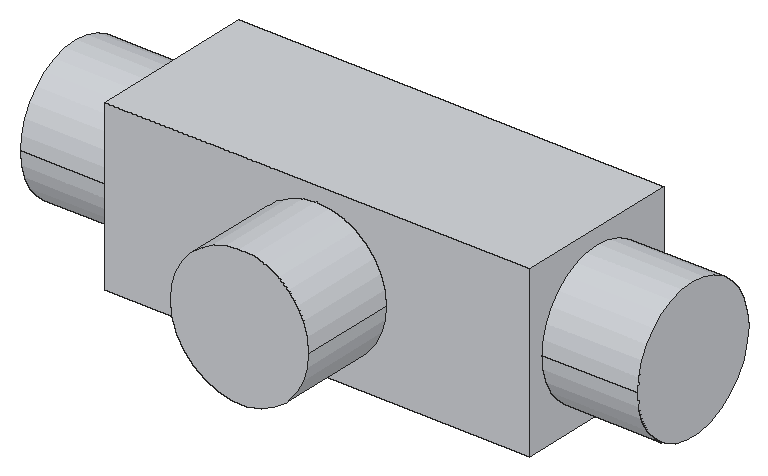
Revit family "529c27f1f9664a59a72c00d3fc5b80a1", category Conduit Fittings, Revit 2021
Family settings
  Round Connector Dimension = Use Radius
  Part Type = Tee
  OmniClass Number = 23.80.30.17.11
  OmniClass Title = Conduits
  Work Plane-Based = No
  Always vertical = Yes
  Cut with Voids When Loaded = No
  Shared = No
Parameters (values of type "Standard")
  Nominal Radius 2 [instance] = 1/4"
  Nominal Radius 1 [instance] = 1/4"
  Nominal Diameter 2 [instance] = Nominal Radius 2 * 2  # 1/2"
  Nominal Diameter 1 [instance] = Nominal Radius 1 * 2  # 1/2"
  Max Nominal Diameter 12 [instance] = if(Nominal Diameter 1 > Nominal Diameter 2, Nominal Diameter 1, Nominal Diameter 2)  # 1/2"
  Fitting Outside Radius 2 [instance] = Fitting Outside Diameter 2 * 0.5  # 0.54"
  Fitting Outside Radius 1 [instance] = Fitting Outside Diameter 1 * 0.5  # 0.54"
  Fitting Outside Diameter 2 [instance] = size_lookup(Conduit Size Lookup, "FOD", 1.15 * Nominal Diameter 2 + 59/128", Nominal Diameter 2)  # 1.08"
  Fitting Outside Diameter 1 [instance] = size_lookup(Conduit Size Lookup, "FOD", 1.15 * Nominal Diameter 1 + 59/128", Nominal Diameter 1)  # 1.08"
  Default Elevation = 0' - 0"
  Conduit Size Lookup = "Conduit Body - Type T - Aluminum"
  Conduit Length 2 [instance] = size_lookup(Conduit Size Lookup, "CLgt", 0.17 * Nominal Diameter 2 + 23/32", Nominal Diameter 2)  # 3/4"
  Conduit Length 1 [instance] = size_lookup(Conduit Size Lookup, "CLgt", 0.17 * Nominal Diameter 1 + 23/32", Nominal Diameter 1)  # 3/4"
  Center to End [instance] = size_lookup(Conduit Size Lookup, "CtE", 1.93 * Max Nominal Diameter 12 + 1 133/256", Max Nominal Diameter 12)  # 2 13/32"
  Conduit Body Width [instance] = size_lookup(Conduit Size Lookup, "CBW", 1.31 * Max Nominal Diameter 12 + 41/64", Max Nominal Diameter 12)  # 1 5/16"
Reference planes (in)
  plane 1 "Center (Front/Back)": y = 0
  plane 2: z = 0
  plane 3 "Center (Left/Right)": x = 0
  plane 4: x = -1.65625
  plane 5: x = 1.65625
  plane 6: y = 0.65625
  plane 7: y = -0.65625
  plane 8: z = 0.65625
  plane 9: z = -0.65625
  plane 10: x = -2.40625
  plane 11: y = -1.40625
  plane 12: x = 2.40625
Forms (in)
  Extrusion 1, solid
    sketch origin (0, 0, 0) x (1, 0, 0) y (0, 1, 0)
      loop
        line (-1.65625, 0.65625) -> (-1.65625, -0.65625) -> (1.65625, -0.65625) -> (1.65625, 0.65625) -> (-1.65625, 0.65625)
    from -0.65625 to 0.65625
  Extrusion 2, solid, detail levels fine
    sketch origin (0, 0, 0) x (0, 1, 0) y (0, 0, 1)
      loop
        circle (0, 0) r 0.54
    from -2.40625 to -1.65625
  Extrusion 3, solid, detail levels fine
    sketch origin (0, 0, 0) x (0, 1, 0) y (0, 0, 1)
      loop
        circle (0, 0) r 0.54
    from 1.65625 to 2.40625
  Extrusion 4, solid, detail levels fine
    sketch origin (0, 0, 0) x (1, 0, 0) y (0, 0, 1)
      loop
        circle (0, 0) r 0.54
    from 0.65625 to 1.40625
Lines and regions (in)
  model lines, detail levels coarse+medium
    curve 1: line (-2.40625, 0, 0) -> (-1.65625, 0, 0)
    curve 2: line (1.65625, 0, 0) -> (2.40625, 0, 0)
    curve 3: line (0, -0.65625, 0) -> (0, -1.40625, 0)
Dimensions and locks (in)
  equal spacing: plane 6, plane 1 "Center (Front/Back)", plane 7
  "Conduit Body Width": plane 6 to plane 7
  equal spacing: plane 8, plane 2, plane 9
  "Conduit Body Width": plane 8 to plane 9
  "Conduit Length 1": plane 10 to plane 4
  "Center to End": plane 10 to plane 3 "Center (Left/Right)"
  "Conduit Length 1": plane 5 to plane 12
  "Center to End": plane 3 "Center (Left/Right)" to plane 12
  "Conduit Length 2": plane 7 to plane 11
  "Fitting Outside Radius 1": radius of Extrusion 2 sketch curve
  "Fitting Outside Radius 1": radius of Extrusion 3 sketch curve
  "Fitting Outside Radius 2": radius of Extrusion 4 sketch curve
  aligned and locked: Extrusion 1 to plane 7
  aligned and locked: plane 6 to Extrusion 1
  aligned and locked: Extrusion 1 to plane 4
  aligned and locked: plane 5 to Extrusion 1
  aligned and locked: plane 8 to Extrusion 1
  aligned and locked: Extrusion 1 to plane 9
  aligned and locked: plane 2 to Extrusion 2 sketch curve
  aligned and locked: plane 1 "Center (Front/Back)" to Extrusion 2 sketch curve
  aligned and locked: plane 4 to Extrusion 2
  aligned and locked: Extrusion 2 to plane 10
  aligned and locked: plane 10 to curve 1
  aligned and locked: plane 4 to curve 1
  aligned and locked: plane 1 "Center (Front/Back)" to curve 1
  aligned and locked: plane 7 to curve 3
  aligned and locked: plane 11 to curve 3
  aligned and locked: curve 3 to plane 3 "Center (Left/Right)"
  aligned and locked: plane 5 to curve 2
  aligned and locked: plane 1 "Center (Front/Back)" to curve 2
  aligned and locked: plane 12 to curve 2
  aligned and locked: plane 2 to Extrusion 3 sketch curve
  aligned and locked: plane 1 "Center (Front/Back)" to Extrusion 3 sketch curve
  aligned and locked: Extrusion 3 to plane 5
  aligned and locked: plane 12 to Extrusion 3
  aligned and locked: plane 2 to Extrusion 4 sketch curve
  aligned and locked: plane 3 "Center (Left/Right)" to Extrusion 4 sketch curve
  aligned and locked: plane 7 to Extrusion 4
  aligned and locked: Extrusion 4 to plane 11
Automatic sketch dimensions
  plane 4 to Extrusion 1 sketch curve = 0' - 0"
  Extrusion 1 sketch curve to plane 5 = 0' - 0"
  plane 1 "Center (Front/Back)" to Extrusion 1 sketch curve = 0' - 0 21/32"
  Extrusion 1 sketch curve to plane 1 "Center (Front/Back)" = 0' - 0 21/32"
Connectors (in)
  cabletrayconduit at (-2.40625, 0, 0), diameter 0.5, driven by "Nominal Radius 1"
    settings: on Extrusion 2, index 1, connector width 1' - 0", connector height 1' - 0", connector angle 0.00°, system type 32, placement type 0, profile type 0, connector reference index 2, is primary connector yes, connector utility param no, connector description ""
  cabletrayconduit at (2.40625, 0, 0), diameter 0.5, driven by "Nominal Radius 1"
    settings: on Extrusion 3, index 2, connector width 1' - 0", connector height 1' - 0", connector angle 0.00°, system type 32, placement type 0, profile type 0, connector reference index 1, is primary connector no, connector utility param no, connector description ""
  cabletrayconduit at (0, -1.40625, 0), diameter 0.5, driven by "Nominal Radius 2"
    settings: on Extrusion 4, index 3, connector width 1' - 0", connector height 1' - 0", connector angle 0.00°, system type 32, placement type 0, profile type 0, connector reference index -1, is primary connector no, connector utility param no, connector description ""
